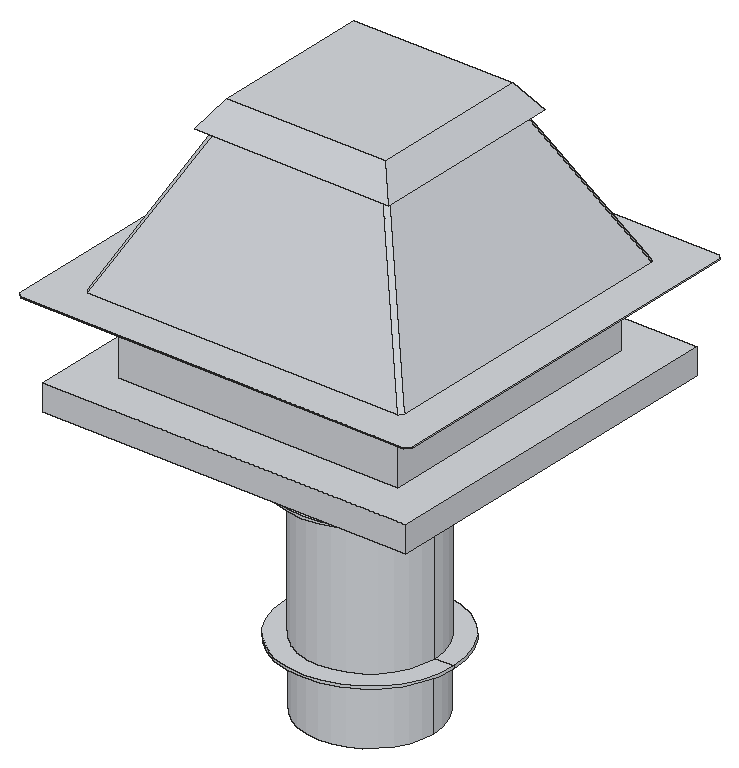
Revit family "SBFPVD-R03-10", category Generic Models, host Face, Revit 2019
Family settings
  Host = Face
  Can host rebar = No
  Round Connector Dimension = Use Diameter
  Part Type = Normal
  Cut with Voids When Loaded = No
  Shared = No
  Room Calculation Point = No
Parameters
  Default Elevation = 48.00"
Reference planes (in)
  plane 1 "Center (Front/Back)": y = 0
  plane 2: z = 0
  plane 3 "Center (Left/Right)": x = 0
Forms (in)
  Extrusion 1, solid
    sketch origin (-10.5, 0, 32.0625) x (1, 0, 0) y (0, 1, 0)
      loop
        line (-3.5, -14) -> (24.5, -14) -> (24.5, 14) -> (-3.5, 14) -> (-3.5, -14)
    from -32.0625 to -30.0625
  SweptBlend 2, solid
    path origin (0, 0, -9.3) x (1, 0, 0) y (0, 0, 1)
      loop
        line (0, 17.4225) -> (0, 28.237)
    profile origin (0, 0, 8.1225) x (-1, 0, 0) y (0, -1, 0)
      loop
        line (11.87386, -12.22931) -> (12.22931, -11.95476) -> (12.22931, 11.87386) -> (11.95476, 12.22931) -> (-11.95476, 12.22931) -> (-12.22931, 11.87386) -> (-12.22931, -11.95476) -> (-11.87386, -12.22931) -> (11.87386, -12.22931)
    end profile origin (0, 0, 18.937) x (-1, 0, 0) y (0, -1, 0)
      loop
        line (6.72, -6.44544) -> (6.72, 6.44544) -> (6.36455, 6.72) -> (-6.36455, 6.72) -> (-6.72, 6.44544) -> (-6.72, -6.44544) -> (-6.36455, -6.72) -> (6.36455, -6.72) -> (6.72, -6.44544)
  SweptBlend 3, solid
    path origin (0, 0, -9.3) x (1, 0, 0) y (0, 0, 1)
      loop
        line (0, 28.237) -> (0, 30.237)
    profile origin (0, 0, 18.937) x (-1, 0, 0) y (0, -1, 0)
      loop
        line (7.5, -7.5) -> (7.5, 7.5) -> (-7.5, 7.5) -> (-7.5, -7.5) -> (7.5, -7.5)
    end profile origin (0, 0, 20.937) x (-1, 0, 0) y (0, -1, 0)
      loop
        line (6.15, -6.15) -> (6.15, 6.15) -> (-6.15, 6.15) -> (-6.15, -6.15) -> (6.15, -6.15)
  Extrusion 4, solid
    sketch origin (-10.5, 0, 34.0625) x (1, 0, 0) y (0, 1, 0)
      loop
        line (-0.25, -10.75) -> (21.25, -10.75) -> (21.25, 10.75) -> (-0.25, 10.75) -> (-0.25, -10.75)
    from -32.0625 to -26
  Extrusion 5, solid
    sketch origin (-10.5, 0, 40.125) x (1, 0, 0) y (0, 1, 0)
      loop
        line (-4.65625, -14.78125) -> (-4.28125, -15.15625) -> (25.28125, -15.15625) -> (25.65625, -14.78125) -> (25.65625, 14.78125) -> (25.28125, 15.15625) -> (-4.28125, 15.15625) -> (-4.65625, 14.78125) -> (-4.65625, -14.78125)
    from -32.0625 to -32.0025
  Revolve 6, solid
    sketch origin (0, 0, 0) x (1, 0, 0) y (0, 0, 1)
      loop
        line (0, -21.7495) -> (0, 0) -> (-7.5925, 0) -> (-7.5925, -1.31) -> (-5.1148, -5.6015) -> (-6.536, -5.6015) -> (-6.536, -5.7575) -> (-5, -5.7575) -> (-5, -16.5575) -> (-6.5, -16.5575) -> (-6.5, -16.7495) -> (-4.9375, -16.7495) -> (-4.9375, -21.7495) -> (0, -21.7495)
      axis (0, 0) -> (0, -21.7495)
    angle from 0 to 360
Dimensions and locks (in)
  aligned and locked: plane 2 to host face
  aligned and locked: level to host face
Connectors (in)
  hvac at (0, 0, -21.7495)
    settings: on Revolve 6, index 2, duct flow 0 CFM, flow factor 0, pres drop 0.00 in-wg, loss coef 0, conn angle 0.00°, conn width 12", conn height 12", conn diameter 9.88", duct sys type 1, conn prof type 0, flow config 0, flow direction 0, loss method 0, conn ref index -1, conn util no, is conn primary yes, conn desc ""
